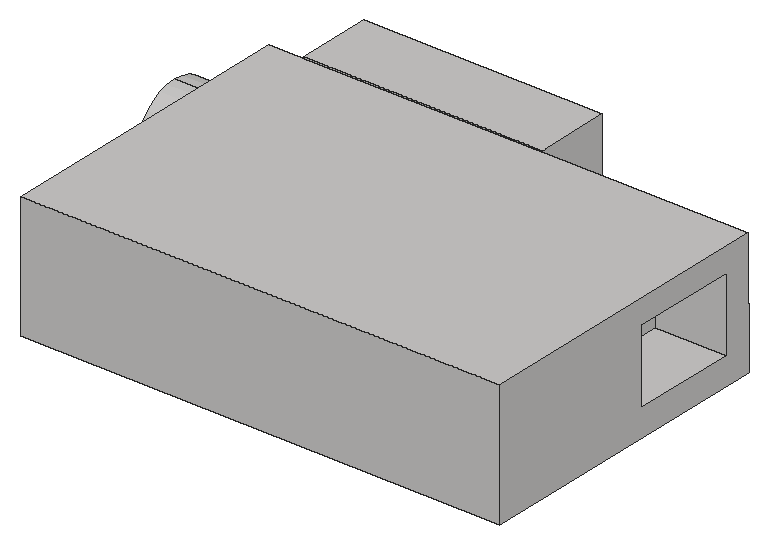
Revit family
Parameters
  Width = 2' - 2"
  Voltage = 120 V
  Unit Weight = "113.0 lbs"
  URL = "http://www.titus-hvac.com/"
  UL = "181"
  Supply Air Flow [instance] = 0 CFM
  Primary Air Pressure Drop [instance] = 0.00 in-wg
  Primary Air Flow [instance] = 0 CFM
  Plenum Air Pressure Drop [instance] = 0.00 in-wg
  Plenum Air Flow [instance] = 0 CFM
  Outlet Width = 0' - 9"
  Outlet Vertical Offset = 0' - 2 1/4"
  Outlet Horizontal Offset = 0' - 2"
  Outlet Height = 0' - 6 1/4"
  Number of Poles = 1
  Nominal Width = Width + 0' 6 1/4"  # 2' - 8 1/4"
  Nominal Length = Length + 0' 3 3/8"  # 3' - 7 5/8"
  Nominal Inlet Size = 0' - 8"
  Nominal Height = 0' - 10 5/8"
  NFPA = "90A"
  Motor Full Load Amps = 3.9 A
  Model = "DFLS"
  Min. Air Flow = 0 CFM
  Max. Air Flow = 900 CFM
  Material = Steel
  Manufacturer = "Titus"
  Length = 3' - 4 1/4"
  Juction Box Offset = 0' - 3"
  Inlet Diameter = Nominal Inlet Size - 0' 0 1/8"  # 0' - 7 7/8"
  Induced Air Inlet Vertical Offset = 0' - 0 5/8"
  Induced Air Inlet Horizontal Offset = 0' - 0 7/8"
  Induced Air Inlet Width = 1' - 2 5/8"
  Induced Air Inlet Height = 0' - 8 3/4"
  Induced Air Filter = no
  Height = 0' - 10 1/2"
  Heating Total Capacity [instance] = 0 Btu/h
  Half Outlet Connection Width = Outlet Width / 2  # 0' - 4 1/2"
  Half Outlet Connection Height = Outlet Height / 2  # 0' - 3 1/8"
  Half Height Start = -(Height / 2)  # -0' - 5 1/4"
  Half Height End = Height / 2  # 0' - 5 1/4"
  HP-Motor = "1/6"
  Frequency = 60 Hz
  Foil Face Liner = Choose Liner Option = 1  # no
  Fiber Free Liner = Choose Liner Option = 2  # no
  Fan Disconnect Switch = no
  Duct Radius = Nominal Inlet Size / 2  # 0' - 4"
  Description = "Series Fan Powered Terminal Unit, Direct Digital Control, Pressure Independent, Low Profile"
  Connection Void Radius = Connection Radius - 0' 0 1/4"  # 0' - 3 11/16"
  Connection Radius = Inlet Diameter / 2  # 0' - 3 15/16"
  Choose Liner Option = 0
  CADworks URL = "www.CADworks.net"
  Assembly Code = "D3040100"
  Apparent Power = Voltage * Motor Full Load Amps  # 468 VA
  Air Inlet Offset = 0' - 5 5/8"
  1/2" Fiberglass Liner = Choose Liner Option = 0  # yes
Reference planes (in)
  plane 1 "Center (Front/Back)": y = 0
  plane 2: z = 0
  plane 3 "Center (Left/Right)": x = 3
  plane 4: x = -17.125
  plane 5: x = 23.125
  plane 6: x = -14.125
  plane 7: x = -20.5
  plane 8 "Center (Elevation)": z = 0
  plane 9: y = -13
  plane 10: y = 13
  plane 11: y = 7.375
  plane 12: y = -12.125
  plane 13: y = 19.25
  plane 14: z = 5.25
  plane 15: z = -5.25
  plane 16: x = -11.125
  plane 17: x = 17.125
Forms (in)
  Extrusion 1, solid, material "Steel" <- "Material"
    sketch origin (0, 0, 0) x (1, 0, 0) y (0, 1, 0)
      loop
        line (-17.125, 13) -> (-17.125, -13) -> (23.125, -13) -> (23.125, 13) -> (-17.125, 13)
    from -5.25 <- "Half Height Start" to 5.25 <- "Half Height End"
  Extrusion 2, solid, material "Steel" <- "Material"
    sketch origin (4.5, 0, -4.25) x (1, 0, 0) y (0, 1, 0)
      loop
        line (-18.625, 13) -> (1.375, 13) -> (1.375, 19.25) -> (-18.625, 19.25) -> (-18.625, 13)
    from 0 to 9.625
  Extrusion 3, void
    sketch origin (23.125, 13, -0.5) x (0, 1, 0) y (0, 0, -1)
      loop
        line (-2.25, -3.75) -> (-2.25, 2.5) -> (-11.25, 2.5) -> (-11.25, -3.75) -> (-2.25, -3.75)
    from 0 to 6
  Extrusion 4, solid, material "Steel" <- "Material"
    sketch origin (-24.875, -5.125, 0) x (0, 0, -1) y (0, 1, 0)
      loop
        circle (0, 12.5) r 3.9375
    from 4.375 to 7.75
  Extrusion 5, void
    sketch origin (-24.875, 0, 0) x (0, 1, 0) y (0, 0, 1)
      loop
        circle (7.375, 0) r 3.6875
    from 4.375 to 13.75
  Extrusion 6, void
    sketch origin (-17.125, -13, 0) x (0, -1, 0) y (0, 0, -1)
      loop
        line (-15.5, -4.125) -> (-0.875, -4.125) -> (-0.875, 4.625) -> (-15.5, 4.625) -> (-15.5, -4.125)
    from 0 to 6
Cuts and joins
  Extrusion 3, Extrusion 5, Extrusion 6 cuts Extrusion 1
  Extrusion 5 cuts Extrusion 4
Dimensions and locks (in)
  "Length": plane 5 to plane 4
  equal spacing: plane 5, plane 3 "Center (Left/Right)", plane 4, locked at 20.125 each
  locked: Extrusion 2 to Extrusion 2 at 20
  "Juction Box Offset": plane 6 to plane 4
  "Outlet Height": Extrusion 3 sketch curve to Extrusion 3 sketch curve
  "Outlet Width": Extrusion 3 sketch curve to Extrusion 3 sketch curve
  locked: plane 4 to plane 7 at 3.375
  "Width": plane 9 to plane 10
  equal spacing: plane 9, plane 1 "Center (Front/Back)", plane 10, locked at 13 each
  locked: Extrusion 2 to Extrusion 2 at 6.25
  locked: cut or joined group of Extrusion 4, Extrusion 5 to plane 11 at 0
  locked: Extrusion 5 sketch curve to plane 11 at 0  (x2)
  "Air Inlet Offset": plane 10 to plane 11
  locked: cut or joined group of Extrusion 4, Extrusion 5 to cut or joined group of Extrusion 4, Extrusion 5 at 3.375
  "Outlet Horizontal Offset": Extrusion 3 sketch curve to cut or joined group of Extrusion 1, Extrusion 3, Extrusion 5, Extrusion 6
  "Induced Air Inlet Horizontal Offset": plane 9 to plane 12
  "Induced Air Inlet Width": Extrusion 6 sketch curve to Extrusion 6 sketch curve
  "Induced Air Inlet Height": Extrusion 6 sketch curve to Extrusion 6 sketch curve
  "Induced Air Inlet Horizontal Offset": Extrusion 6 sketch curve to plane 9
  "Outlet Vertical Offset": Extrusion 3 sketch curve to plane 10
  locked: Extrusion 4 sketch curve to level at 0
  locked: Extrusion 4 sketch curve to plane 11 at 0
  locked: Extrusion 5 sketch curve to level at 0
  "Induced Air Inlet Vertical Offset": cut or joined group of Extrusion 1, Extrusion 3, Extrusion 5, Extrusion 6 to Extrusion 6 sketch curve
  locked: Extrusion 2 to Extrusion 2 at 9.625
  locked: plane 15 to Extrusion 2 at 1
  equal spacing: plane 14, level, plane 15, locked at 5.25 each
  locked: plane 4 to plane 16 at 6
  locked: plane 17 to plane 5 at 6
  "Connection Radius": radius of Extrusion 4 sketch curve
  "Connection Void Radius": radius of Extrusion 5 sketch curve
  aligned and locked: plane 13 to Extrusion 2
  aligned and locked: plane 6 to Extrusion 2
  aligned and locked: plane 10 to cut or joined group of Extrusion 1, Extrusion 3, Extrusion 5, Extrusion 6
  aligned and locked: plane 4 to cut or joined group of Extrusion 1, Extrusion 3, Extrusion 5, Extrusion 6  (x2)
  aligned and locked: plane 5 to cut or joined group of Extrusion 1, Extrusion 3, Extrusion 5, Extrusion 6  (x2)
  aligned and locked: plane 9 to cut or joined group of Extrusion 1, Extrusion 3, Extrusion 5, Extrusion 6
  aligned and locked: plane 14 to cut or joined group of Extrusion 1, Extrusion 3, Extrusion 5, Extrusion 6
  aligned and locked: plane 15 to cut or joined group of Extrusion 1, Extrusion 3, Extrusion 5, Extrusion 6
  aligned and locked: plane 10 to Extrusion 2
  aligned and locked: Extrusion 3 to plane 17
  aligned and locked: Extrusion 6 to Extrusion 5
  aligned and locked: plane 17 to cut or joined group of Extrusion 1, Extrusion 3, Extrusion 5, Extrusion 6
  aligned and locked: plane 16 to cut or joined group of Extrusion 1, Extrusion 3, Extrusion 5, Extrusion 6  (x2)
  aligned and locked: plane 7 to cut or joined group of Extrusion 4, Extrusion 5  (x2)
  aligned and locked: plane 4 to cut or joined group of Extrusion 4, Extrusion 5
  aligned and locked: plane 12 to cut or joined group of Extrusion 1, Extrusion 3, Extrusion 5, Extrusion 6
Automatic sketch dimensions
  Extrusion 1 sketch curve to plane 4 = 0' - 0"
  plane 5 to Extrusion 1 sketch curve = 0' - 0"
  Extrusion 1 sketch curve to plane 9 = 0' - 0"
  Extrusion 1 sketch curve to plane 10 = 0' - 0"
  Extrusion 2 sketch curve to plane 6 = 0' - 0"
  Extrusion 2 sketch curve to plane 10 = 0' - 0"
  Extrusion 2 sketch curve to plane 5 = 1' - 5 1/4"
  Extrusion 2 sketch curve to Extrusion 2 sketch curve = 0' - 6 1/4"
Connectors (in)
  electrical at (-4.125, 19.25, 0.5625), driven by "Apparent Power", driven by "Voltage", driven by "Number of Poles"
    settings: on Extrusion 2, index 8
  hvac at (-20.5, 7.375, 0), driven by "Duct Radius", driven by "Primary Air Pressure Drop", driven by "Primary Air Flow"
    settings: on cut or joined group of Extrusion 4, Extrusion 5, index 9
  hvac at (-17.125, -4.8125, -0.25), driven by "Induced Air Inlet Height", driven by "Induced Air Inlet Width", driven by "Plenum Air Pressure Drop", driven by "Plenum Air Flow"
    settings: on cut or joined group of Extrusion 1, Extrusion 3, Extrusion 5, Extrusion 6, index 10
  hvac at (23.125, 6.25, 0.125), driven by "Outlet Height", driven by "Outlet Width", driven by "Supply Air Flow"
    settings: on cut or joined group of Extrusion 1, Extrusion 3, Extrusion 5, Extrusion 6, index 11
